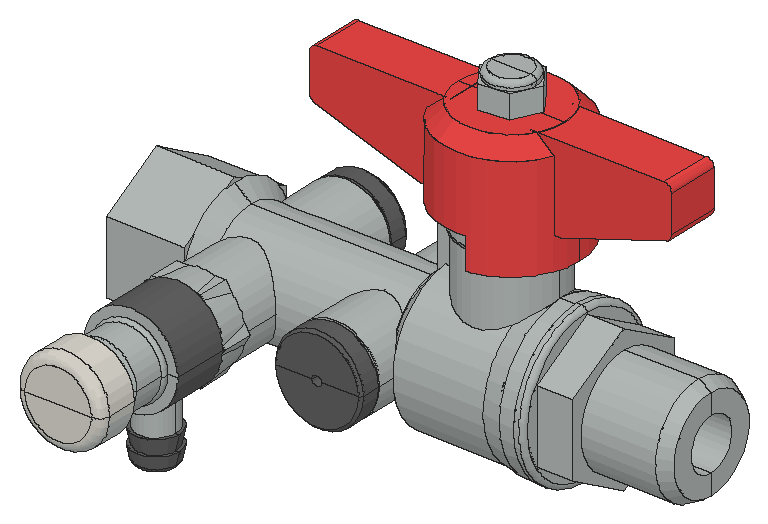
Revit family "QD38200000", category Apparecchi idraulici, Revit 2020
Family settings
  Quota connettore circolare = Usa diametro
  Tipo di parte = Normale
  Numero OmniClass = 23.45.00.00
  Titolo OmniClass = Sanitary, Laundry, and Cleaning Equipment
  Basato su piano di lavoro = No
  Sempre verticale = Sì
  Taglio con vuoti quando caricato = No
  Condiviso = No
  Punto di calcolo locali = No
Parameters
  URL = "https://web.cimberio.it/index.php/figura/215?subcategoria_id=42343"
  Temperatura di esercizio = "-20 ÷ 90°C"
  Prospetto di default = 0 mm
  Produttore = "CIMBERIO SPA"
  Pressione nominale = "PN 16"
  Modello = "Cim 213"
  Materiale = "Prodotto in lega di ottone conforme alla norma EN 12165-CW617N-DW"
  Descrizione = "Impiegato nei più svariati settori dell'impiantistica in condutture anti-ritorno per: reti di distribuzione acqua potabile, impianti di riscaldamento, condizionamento, igienico-sanitari e in generale con ogni fluido non corrosivo."
  DN Model [instance] = QD38202095 : QD38202095
  DN [instance] = 20 mm
  Commenti sul tipo = "Realizzato in ottemperanza ai requisiti gestionali della norma EN ISO 9001.\r\nCollaudato al 100% secondo la normativa EN 12266-1"
Reference planes
  plane 1 "Centro (Fronte/Retro)": y = 0
  plane 2: z = 0
  plane 3 "Centro (Sinistra/Destra)": x = 0
Dimensions and locks
  aligned and locked: level to plane 2
Nested families
  nested 1: "QD38202095" at (0, 0, 0), type <- "DN Model", type "QD38202095"
  nested 2: "QD38202095" at (0, 0, 0), type <- "DN Model", type "QD38202095"
  nested 3: "QD38202095" at (0, 0, 0), type <- "DN Model", type "QD38202095"
Connectors
  piping at (38.6, 0, 0), diameter 20, driven by "DN"
    settings: on nested 1, index 1, connector inside diameter 609.6 mm, connector length 0 mm, flow factor 0, pipe flow 0.0 L/s, pressure drop 0.0 Pa, fitting loss kfactor 0, connector angle 0.00°, fixture units 0, engagement length 0 mm, angle of deflection 0.00°, flow configuration 0, flow direction 0, fitting loss method 0, system type 7, joint type 0, gender type 0, connector reference index -1, connector utility 0, adjustable connector no, is connector primary yes, connector description ""
  piping at (-68.5, 0, 0), diameter 20, driven by "DN"
    settings: on nested 1, index 2, connector inside diameter 609.6 mm, connector length 0 mm, flow factor 0, pipe flow 0.0 L/s, pressure drop 0.0 Pa, fitting loss kfactor 0, connector angle 0.00°, fixture units 0, engagement length 0 mm, angle of deflection 0.00°, flow configuration 0, flow direction 0, fitting loss method 0, system type 7, joint type 0, gender type 0, connector reference index -1, connector utility 0, adjustable connector no, is connector primary no, connector description ""
Definition of nested family "QD38202095"
  Parameters (values of type "QD38202095")
    Default Elevation = 0 mm
  Reference planes
    plane 1 "Centro (Fronte/Retro)": y = 0
    plane 2: z = 0
    plane 3 "Centro (Sinistra/Destra)": x = 0
  Forms (mm)
    Revolve 1, solid
      sketch origin (0, 0, 0) x (1, 0, 0) y (0, 0, 1)
        loop
          arc (-13.372, 12.428) -> (-13.861, 12.008) -> (-14.008, 11.374) r 1
          arc (-14.008, 11.374) -> (-14.25, 10.588) -> (-15, 10.25) r 1
          line (-15, 10.25) -> (-50.5, 10.25) -> (-53.42, 13.17) -> (-53.42, 10) -> (12.6, 10) -> (12.6, 15) -> (9.474, 15) -> (5.939, 14.3) -> (-11.5, 14.3) -> (-13.372, 12.428)
        axis (-53.42, 0) -> (12.6, 0)
      angle from 0 to 360
    Extrusion 2, solid
      sketch origin (0, 0, 0) x (0, 0, -1) y (0, 1, 0)
        loop
          circle (0, 0) r 10
        loop
          line (-14, 0) -> (-7, -12.124) -> (7, -12.124) -> (14, 0) -> (7, 12.124) -> (-7, 12.124) -> (-14, 0)
      from -68.5 to -53.42
    Extrusion 3, solid
      sketch origin (0, 0, 0) x (0, 0, -1) y (0, -1, 0)
        loop
          circle (0, 0) r 10
        loop
          line (-14.05, 0) -> (-7.025, -12.168) -> (7.025, -12.168) -> (14.05, 0) -> (7.025, 12.168) -> (-7.025, 12.168) -> (-14.05, 0)
      from -21.6 to -14.5
    Revolve 4, solid
      sketch origin (0, 0, 0) x (1, 0, 0) y (0, 0, 1)
        loop
          line (0, 32.8) -> (-8.3, 32.8) -> (-8.3, 31.3) -> (-10, 31.3) -> (-9.887, 24.5)
          arc (-9.887, 24.5) -> (-9.741, 24.109) -> (-9.381, 23.897) r 0.625
          line (-9.381, 23.897) -> (-9.381, 9.629) -> (0, 9.629) -> (0, 32.8)
        axis (0, 9.629) -> (0, 32.8)
      angle from 0 to 360
    Extrusion 5, solid
      sketch origin (0, 0, 0) x (1, 0, 0) y (0, 0, 1)
        loop
          line (-13, 27) -> (-13, 8.625) -> (-8.552, 8.625) -> (-8.552, 27) -> (-13, 27)
      from -1.499 to 1.499
    Revolve 6, solid
      sketch origin (0, 0, -4) x (1, 0, 0) y (0, 0, 1)
        loop
          line (0, 49.8) -> (-10.25, 49.8) -> (-13.25, 46.8) -> (-13.25, 26.8) -> (-3.916, 26.8) -> (-3.916, 32.8) -> (0, 32.8) -> (0, 49.8)
        axis (0, 49.8) -> (0, 26.8)
      angle from 0 to 360
    Extrusion 7, void
      sketch origin (0, 0, -4) x (1, 0, 0) y (0, 1, 0)
        loop
          line (-8.874, 1.499) -> (-13.92, 1.499)
          arc (-13.92, 1.499) -> (-9.863, -9.935) -> (1.6, -13.908) r 14
          line (1.6, -13.908) -> (1.6, -8.857)
          arc (1.6, -8.857) -> (-6.327, -6.4) -> (-8.874, 1.499) r 9
      from 24.971 to 32.8
    Extrusion 8, solid
      sketch origin (0, 0, -4) x (0.583252, -0.812291, 0) y (0.812291, 0.583252, 0)
        loop
          line (-2.887, 5) -> (-5.774, 0) -> (-2.887, -5) -> (2.887, -5) -> (5.774, 0) -> (2.887, 5) -> (-2.887, 5)
      from 49.8 to 54.3
    Revolve 9, solid
      sketch origin (0, 0, -4) x (1, 0, 0) y (0, 0, 1)
        loop
          line (0, 55.8) -> (0, 53.806) -> (4.75, 53.806) -> (4.75, 54.796)
          arc (4.75, 54.796) -> (4.457, 55.506) -> (3.748, 55.8) r 1.002
          line (3.748, 55.8) -> (0, 55.8)
        axis (0, 55.8) -> (0, 53.806)
      angle from 0 to 360
    Extrusion 10, solid
      sketch origin (-28.999, 2.996, 0) x (1, 0, 0) y (0, 0, 1)
        loop
          line (-7.65, 0) -> (-12.325, 8.097) -> (-21.675, 8.097) -> (-26.35, 0) -> (-21.675, -8.097) -> (-12.325, -8.097) -> (-7.65, 0)
      from 20.5 to 26.5
    Revolve 11, solid
      sketch origin (-28.999, 2.996, 0) x (1, 0, 0) y (0, 1, 0)
        loop
          line (-8.5, -20.5) -> (-8.5, -7.5) -> (-17, -7.5) -> (-17, -47.3) -> (-12.353, -47.3) -> (-12.353, -45) -> (-10.936, -45) -> (-10.2, -44.5) -> (-10.2, -38.7)
          arc (-10.2, -38.7) -> (-9.788, -38.157) -> (-9.967, -37.5) r 0.771
          line (-9.967, -37.5) -> (-8, -37.5) -> (-8, -26.5) -> (-8.5, -20.5)
        axis (-17, -7.5) -> (-17, -47.3)
      angle from 0 to 360
    Revolve 12, solid
      sketch origin (-28.999, 2.996, 0) x (1, 0, 0) y (0, 1, 0)
        loop
          line (-17, -47.3) -> (-17, -55) -> (-10.6, -55)
          arc (-10.6, -55) -> (-9.186, -54.414) -> (-8.6, -53) r 2
          line (-8.6, -53) -> (-8.6, -47.3) -> (-17, -47.3)
        axis (-17, -47.3) -> (-17, -55)
      angle from 0 to 360
    Revolve 13, solid
      sketch origin (-2.99, -3.033, 0) x (1, 0, 0) y (0, 1, 0)
        loop
          line (-25.5, 20.5) -> (-25.5, 8.572) -> (-17, 8.572) -> (-17, 20.5) -> (-25.5, 20.5)
        axis (-17, 20.5) -> (-17, 8.572)
      angle from 0 to 360
    Revolve 14, solid
      sketch origin (-2.99, -3.033, 0) x (1, 0, 0) y (0, 1, 0)
        loop
          line (-17, 23) -> (-17.857, 23) -> (-17.997, 25) -> (-25, 25) -> (-25.496, 24.388) -> (-25.496, 21) -> (-24.936, 20.44) -> (-17, 20.44) -> (-17, 23)
        axis (-17, 25) -> (-17, 20.44)
      angle from 0 to 360
    Revolve 15, solid
      sketch origin (0, 0, 0) x (1, 0, 0) y (0, 0, 1)
        loop
          line (12.6, 10) -> (14.5, 10) -> (14.5, 14.25)
          arc (14.5, 14.25) -> (14.207, 14.957) -> (13.5, 15.25) r 1
          line (13.5, 15.25) -> (12.6, 15.25) -> (12.6, 10)
        axis (12.6, 0) -> (14.5, 0)
      angle from 0 to 360
    Extrusion 16, solid
      sketch origin (0, 0, 0) x (1, 0, 0) y (0, 0, 1)
        loop
          arc (-33.5, 45.8) -> (-34.561, 45.361) -> (-35, 44.3) r 1.5
          line (-35, 44.3) -> (-35, 37.227)
          arc (-35, 37.227) -> (-34.714, 36.345) -> (-33.964, 35.8) r 1.5
          line (-33.964, 35.8) -> (-13.534, 29.162) -> (-7.722, 29.162) -> (-7.722, 45.8) -> (-33.5, 45.8)
        loop
          line (33.5, 45.8) -> (7.722, 45.8) -> (7.722, 29.162) -> (13.534, 29.162) -> (33.964, 35.8)
          arc (33.964, 35.8) -> (34.714, 36.345) -> (35, 37.227) r 1.5
          line (35, 37.227) -> (35, 44.3)
          arc (35, 44.3) -> (34.561, 45.361) -> (33.5, 45.8) r 1.5
      from -5.051 to 5.104
    Revolve 17, solid
      sketch origin (-29, -28.374, 0) x (1, 0, 0) y (0, 0, 1)
        loop
          line (-17, -20) -> (-17, -17) -> (-21.501, -17) -> (-20.978, -19.41)
          arc (-20.978, -19.41) -> (-20.791, -19.776) -> (-20.447, -20) r 0.8
          line (-20.447, -20) -> (-17, -20)
        axis (-17, -20) -> (-17, -17)
      angle from 0 to 360
    Revolve 18, solid
      sketch origin (-29, -28.374, 0) x (1, 0, 0) y (0, 0, 1)
        loop
          line (-17, -14) -> (-21.5, -14) -> (-20.85, -17) -> (-17, -17) -> (-17, -14)
        axis (-17, -14) -> (-17, -17)
      angle from 0 to 360
    Revolve 19, solid
      sketch origin (-29, -28.374, 0) x (1, 0, 0) y (0, 0, 1)
        loop
          line (-13.15, -14) -> (-13.15, -5.112) -> (-15.944, -5.112) -> (-15.944, -14) -> (-13.15, -14)
        axis (-17, -14) -> (-17, -5.112)
      angle from 0 to 360
    Revolve 20, solid
      sketch origin (-28.984, -3.033, 0) x (1, 0, 0) y (0, 1, 0)
        loop
          line (-25.5, 20.5) -> (-25.5, 8.572) -> (-17, 8.572) -> (-17, 20.5) -> (-25.5, 20.5)
        axis (-17, 20.5) -> (-17, 8.572)
      angle from 0 to 360
    Revolve 21, solid
      sketch origin (-28.984, -3.033, 0) x (1, 0, 0) y (0, 1, 0)
        loop
          line (-17, 23) -> (-17.857, 23) -> (-17.997, 25) -> (-25, 25) -> (-25.496, 24.388) -> (-25.496, 21) -> (-24.936, 20.44) -> (-17, 20.44) -> (-17, 23)
        axis (-17, 25) -> (-17, 20.44)
      angle from 0 to 360
    Revolve 22, solid
      sketch origin (-2.99, 2.994, 0) x (1, 0, 0) y (0, 1, 0)
        loop
          line (-25.5, -20.5) -> (-17, -20.5) -> (-17, -8.572) -> (-25.5, -8.572) -> (-25.5, -20.5)
        axis (-17, -20.5) -> (-17, -8.572)
      angle from 0 to 360
    Revolve 23, solid
      sketch origin (-2.99, 2.994, 0) x (1, 0, 0) y (0, 1, 0)
        loop
          line (-17, -23) -> (-17, -20.44) -> (-24.936, -20.44) -> (-25.496, -21) -> (-25.496, -24.388) -> (-25, -25) -> (-17.997, -25) -> (-17.857, -23) -> (-17, -23)
        axis (-17, -25) -> (-17, -20.44)
      angle from 0 to 360
    Revolve 24, solid
      sketch origin (0, 0, 0) x (1, 0, 0) y (0, 0, 1)
        loop
          line (38.6, 5) -> (38.6, 8.954) -> (36.099, 10.398) -> (21.6, 10.398) -> (21.6, 5) -> (38.6, 5)
        axis (21.6, 0) -> (38.6, 0)
      angle from 0 to 360
  Cuts and joins
    Extrusion 7 cuts Revolve 6
    Extrusion 7 cuts Revolve 1
    joined: Revolve 1, Revolve 4, Extrusion 5
  Dimensions and locks
    aligned and locked: level to plane 2
